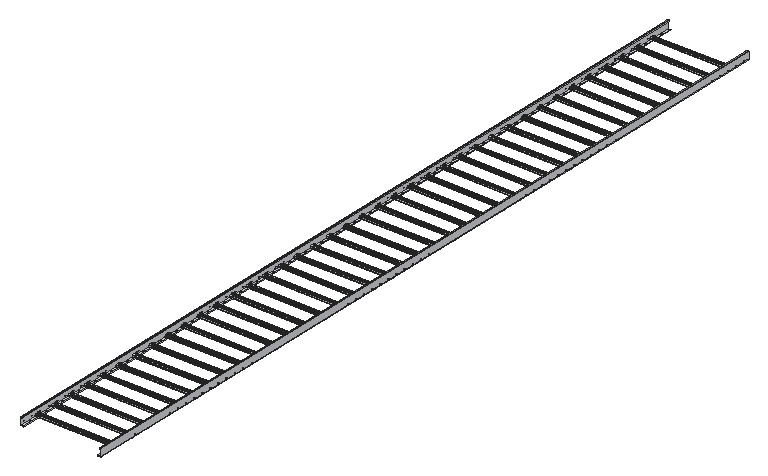
Revit family "Kabelleiter LG 60, 6 m VS FT", category Generic Models, Revit 2017 (continued)
Dimensions and locks
  locked: plane 3120 to Extrusion 1231 sketch curve at 5.5
  locked: Extrusion 1231 sketch curve to plane 3122 at 8.5
  locked: plane 3124 to plane 3123 at 57.5
  locked: Extrusion 1232 sketch curve to Extrusion 1232 sketch curve at 11
  locked: plane 3123 to Extrusion 1232 sketch curve at 5.5
  locked: Extrusion 1232 sketch curve to plane 3125 at 8.5
  locked: plane 3129 to Extrusion 3 at 8.5
  locked: plane 3130 to cut or joined group 1 (Extrusion 2, Extrusion 282, Extrusion 283, Extrusion 284, Extrusion 285, Extrusion 286, Extrusion 287, Extrusion 288, Extrusion 289, Extrusion 290, Extrusion 291, Extrusion 292, Extrusion 293, Extrusion 295, Extrusion 296, Extrusion 297, Extrusion 298, Extrusion 299, Extrusion 300, Extrusion 301, Extrusion 302, Extrusion 303, Extrusion 304, Extrusion 305, Extrusion 306, Extrusion 307) at 8.5
  locked: plane 3126 to plane 3130 at 75
  equal spacing: group 1207, group 1208, group 1209, group 1210, group 1211, group 1212, group 1213, group 1214, group 1215, group 1216, group 1217, group 1218, group 1219  (x3)
  equal spacing: group 1220, group 1221, group 1222, group 1223, group 1224, group 1225, group 1226, group 1227, group 1228, group 1229, group 1230, group 1231, group 1232  (x3)
  aligned and locked: level to plane 2
  aligned and locked: plane 1 "Center (Front/Back)" to Extrusion 1
  aligned and locked: plane 8 to Extrusion 1
  aligned and locked: Extrusion 2 to Extrusion 1
  aligned and locked: plane 15 to Extrusion 2
  aligned and locked: Extrusion 41 to level
  aligned and locked: Extrusion 2 to Extrusion 41
  aligned and locked: Extrusion 43 to level
  aligned and locked: Extrusion 2 to Extrusion 43
  aligned and locked: plane 328 to Extrusion 3
  aligned and locked: Extrusion 122 to plane 3 "Center (Left/Right)"
  aligned and locked: Extrusion 1 to Extrusion 122
  aligned and locked: Extrusion 1 to Extrusion 202
  aligned and locked: cut or joined group 2 (Extrusion 1, Extrusion 41, Extrusion 42, Extrusion 43, Extrusion 44, Extrusion 45, Extrusion 46, Extrusion 47, Extrusion 48, Extrusion 49, Extrusion 50, Extrusion 51, Extrusion 52, Extrusion 53, Extrusion 54, Extrusion 55, Extrusion 56, Extrusion 57, Extrusion 58, Extrusion 59, Extrusion 60, Extrusion 61, Extrusion 62, Extrusion 63, Extrusion 64, Extrusion 65, Extrusion 66, Extrusion 67, Extrusion 68, Extrusion 69, Extrusion 70, Extrusion 71, Extrusion 72, Extrusion 73, Extrusion 74, Extrusion 75, Extrusion 76, Extrusion 77, Extrusion 78, Extrusion 79, Extrusion 80, Extrusion 81, Extrusion 82, Extrusion 83, Extrusion 84, Extrusion 85, Extrusion 86, Extrusion 87, Extrusion 88, Extrusion 89, Extrusion 90, Extrusion 91, Extrusion 92, Extrusion 93, Extrusion 94, Extrusion 95, Extrusion 97, Extrusion 98, Extrusion 99, Extrusion 100, Extrusion 101, Extrusion 102, Extrusion 103, Extrusion 104, Extrusion 105, Extrusion 106, Extrusion 107, Extrusion 108, Extrusion 109, Extrusion 110, Extrusion 111, Extrusion 112, Extrusion 113, Extrusion 114, Extrusion 115, Extrusion 116, Extrusion 117, Extrusion 118, Extrusion 119, Extrusion 120, Extrusion 121, Extrusion 122, Extrusion 123, Extrusion 124, Extrusion 125, Extrusion 126, Extrusion 127, Extrusion 128, Extrusion 129, Extrusion 130, Extrusion 131, Extrusion 132, Extrusion 133, Extrusion 134, Extrusion 135, Extrusion 136, Extrusion 137, Extrusion 138, Extrusion 139, Extrusion 140, Extrusion 141, Extrusion 142, Extrusion 143, Extrusion 144, Extrusion 145, Extrusion 146, Extrusion 147, Extrusion 148, Extrusion 149, Extrusion 150, Extrusion 151, Extrusion 152, Extrusion 153, Extrusion 154, Extrusion 155, Extrusion 156, Extrusion 157, Extrusion 158, Extrusion 159, Extrusion 160, Extrusion 161, Extrusion 162, Extrusion 163, Extrusion 164, Extrusion 165, Extrusion 166, Extrusion 167, Extrusion 168, Extrusion 169, Extrusion 170, Extrusion 171, Extrusion 172, Extrusion 173, Extrusion 174, Extrusion 175, Extrusion 176, Extrusion 177, Extrusion 178, Extrusion 179, Extrusion 180, Extrusion 181, Extrusion 182, Extrusion 183, Extrusion 184, Extrusion 185, Extrusion 186, Extrusion 187, Extrusion 188, Extrusion 189, Extrusion 190, Extrusion 191, Extrusion 192, Extrusion 193, Extrusion 194, Extrusion 195, Extrusion 196, Extrusion 197, Extrusion 198, Extrusion 199, Extrusion 200, Extrusion 201, Extrusion 202, Extrusion 203, Extrusion 204, Extrusion 205, Extrusion 206, Extrusion 207, Extrusion 208, Extrusion 209, Extrusion 210, Extrusion 211, Extrusion 212, Extrusion 213, Extrusion 214, Extrusion 215, Extrusion 216, Extrusion 217, Extrusion 218, Extrusion 219, Extrusion 220, Extrusion 221, Extrusion 222, Extrusion 223, Extrusion 224, Extrusion 225, Extrusion 226, Extrusion 227, Extrusion 228, Extrusion 229, Extrusion 230, Extrusion 231, Extrusion 232, Extrusion 233, Extrusion 234, Extrusion 235, Extrusion 236, Extrusion 237, Extrusion 238, Extrusion 239, Extrusion 240, Extrusion 241, Extrusion 242, Extrusion 243, Extrusion 244, Extrusion 245, Extrusion 246, Extrusion 247, Extrusion 248, Extrusion 249, Extrusion 250, Extrusion 251, Extrusion 252, Extrusion 253, Extrusion 254, Extrusion 255, Extrusion 256, Extrusion 257, Extrusion 258, Extrusion 259, Extrusion 260, Extrusion 261, Extrusion 262, Extrusion 263, Extrusion 264, Extrusion 265, Extrusion 266, Extrusion 267, Extrusion 268, Extrusion 269, Extrusion 270, Extrusion 271, Extrusion 272, Extrusion 273, Extrusion 274, Extrusion 275, Extrusion 276, Extrusion 277, Extrusion 278, Extrusion 279, Extrusion 280, Extrusion 281) to cut or joined group 2
  aligned and locked: Extrusion 2 to Extrusion 282
  aligned and locked: cut or joined group 1 to cut or joined group 1
  aligned and locked: Extrusion 296 to level
  aligned and locked: Extrusion 3 to Extrusion 1233  (x2)
  aligned and locked: Extrusion 3 to Extrusion 1234
  aligned and locked: cut or joined group 3 (Extrusion 3, Extrusion 1233, Extrusion 1234, Extrusion 1235, Extrusion 1236, Extrusion 1237, Extrusion 1238, Extrusion 1239, Extrusion 1240, Extrusion 1241, Extrusion 1242, Extrusion 1243, Extrusion 1244, Extrusion 1245, Extrusion 1246, Extrusion 1247, Extrusion 1248, Extrusion 1249, Extrusion 1250, Extrusion 1251, Extrusion 1252, Extrusion 1253, Extrusion 1254, Extrusion 1255, Extrusion 1256, Extrusion 1257, Extrusion 1258) to cut or joined group 1
  aligned and locked: cut or joined group 1 to cut or joined group 3
Automatic sketch dimensions
  Extrusion 2 sketch curve to Extrusion 2 sketch curve = 0 mm  (x12)
  Extrusion 2 sketch curve to Extrusion 2 sketch curve = 1.5 mm  (x2)
  plane 11 to Extrusion 2 sketch curve = 3 mm
  Extrusion 2 sketch curve to plane 12 = 3 mm
  Extrusion 3 sketch curve to Extrusion 3 sketch curve = 0 mm  (x12)
  Extrusion 3 sketch curve to Extrusion 3 sketch curve = 1.5 mm  (x2)
  plane 18 to Extrusion 3 sketch curve = 3 mm
  Extrusion 3 sketch curve to plane 19 = 3 mm
  Extrusion 4 sketch curve to Extrusion 4 sketch curve = 0 mm  (x8)
  Extrusion 4 sketch curve to Extrusion 4 sketch curve = 1.5 mm  (x2)
  plane 24 to Extrusion 4 sketch curve = 3 mm
  Extrusion 4 sketch curve to plane 25 = 3 mm
  Extrusion 5 sketch curve to Extrusion 5 sketch curve = 0 mm  (x8)
  Extrusion 5 sketch curve to Extrusion 5 sketch curve = 1.5 mm  (x2)
  plane 30 to Extrusion 5 sketch curve = 3 mm
  Extrusion 5 sketch curve to plane 31 = 3 mm
  Extrusion 6 sketch curve to Extrusion 6 sketch curve = 0 mm  (x8)
  Extrusion 6 sketch curve to Extrusion 6 sketch curve = 1.5 mm  (x2)
  plane 36 to Extrusion 6 sketch curve = 3 mm
  Extrusion 6 sketch curve to plane 37 = 3 mm
  Extrusion 7 sketch curve to Extrusion 7 sketch curve = 0 mm  (x8)
  Extrusion 7 sketch curve to Extrusion 7 sketch curve = 1.5 mm  (x2)
  plane 42 to Extrusion 7 sketch curve = 3 mm
  Extrusion 7 sketch curve to plane 43 = 3 mm
  Extrusion 8 sketch curve to Extrusion 8 sketch curve = 0 mm  (x8)
  Extrusion 8 sketch curve to Extrusion 8 sketch curve = 1.5 mm  (x2)
  plane 48 to Extrusion 8 sketch curve = 3 mm
  Extrusion 8 sketch curve to plane 49 = 3 mm
  Extrusion 9 sketch curve to Extrusion 9 sketch curve = 0 mm  (x8)
  Extrusion 9 sketch curve to Extrusion 9 sketch curve = 1.5 mm  (x2)
  plane 54 to Extrusion 9 sketch curve = 3 mm
  Extrusion 9 sketch curve to plane 55 = 3 mm
  Extrusion 10 sketch curve to Extrusion 10 sketch curve = 0 mm  (x8)
  Extrusion 10 sketch curve to Extrusion 10 sketch curve = 1.5 mm  (x2)
  plane 60 to Extrusion 10 sketch curve = 3 mm
  Extrusion 10 sketch curve to plane 61 = 3 mm
  Extrusion 11 sketch curve to Extrusion 11 sketch curve = 0 mm  (x8)
  Extrusion 11 sketch curve to Extrusion 11 sketch curve = 1.5 mm  (x2)
  plane 66 to Extrusion 11 sketch curve = 3 mm
  Extrusion 11 sketch curve to plane 67 = 3 mm
  Extrusion 12 sketch curve to Extrusion 12 sketch curve = 0 mm  (x8)
  Extrusion 12 sketch curve to Extrusion 12 sketch curve = 1.5 mm  (x2)
  plane 72 to Extrusion 12 sketch curve = 3 mm
  Extrusion 12 sketch curve to plane 73 = 3 mm
  Extrusion 13 sketch curve to Extrusion 13 sketch curve = 0 mm  (x8)
  Extrusion 13 sketch curve to Extrusion 13 sketch curve = 1.5 mm  (x2)
  plane 78 to Extrusion 13 sketch curve = 3 mm
  Extrusion 13 sketch curve to plane 79 = 3 mm
  Extrusion 14 sketch curve to Extrusion 14 sketch curve = 0 mm  (x8)
  Extrusion 14 sketch curve to Extrusion 14 sketch curve = 1.5 mm  (x2)
  plane 84 to Extrusion 14 sketch curve = 3 mm
  Extrusion 14 sketch curve to plane 85 = 3 mm
  Extrusion 15 sketch curve to Extrusion 15 sketch curve = 0 mm  (x8)
  Extrusion 15 sketch curve to Extrusion 15 sketch curve = 1.5 mm  (x2)
  plane 90 to Extrusion 15 sketch curve = 3 mm
  Extrusion 15 sketch curve to plane 91 = 3 mm
  Extrusion 16 sketch curve to Extrusion 16 sketch curve = 0 mm  (x8)
  Extrusion 16 sketch curve to Extrusion 16 sketch curve = 1.5 mm  (x2)
  plane 96 to Extrusion 16 sketch curve = 3 mm
  Extrusion 16 sketch curve to plane 97 = 3 mm
  Extrusion 17 sketch curve to Extrusion 17 sketch curve = 0 mm  (x8)
  Extrusion 17 sketch curve to Extrusion 17 sketch curve = 1.5 mm  (x2)
  plane 102 to Extrusion 17 sketch curve = 3 mm
  Extrusion 17 sketch curve to plane 103 = 3 mm
  Extrusion 18 sketch curve to Extrusion 18 sketch curve = 0 mm  (x8)
  Extrusion 18 sketch curve to Extrusion 18 sketch curve = 1.5 mm  (x2)
  plane 108 to Extrusion 18 sketch curve = 3 mm
  Extrusion 18 sketch curve to plane 109 = 3 mm
  Extrusion 19 sketch curve to Extrusion 19 sketch curve = 0 mm  (x8)
  Extrusion 19 sketch curve to Extrusion 19 sketch curve = 1.5 mm  (x2)
  plane 114 to Extrusion 19 sketch curve = 3 mm
  Extrusion 19 sketch curve to plane 115 = 3 mm
  Extrusion 20 sketch curve to Extrusion 20 sketch curve = 0 mm  (x8)
  Extrusion 20 sketch curve to Extrusion 20 sketch curve = 1.5 mm  (x2)
  plane 120 to Extrusion 20 sketch curve = 3 mm
  Extrusion 20 sketch curve to plane 121 = 3 mm
  Extrusion 21 sketch curve to Extrusion 21 sketch curve = 0 mm  (x8)
  Extrusion 21 sketch curve to Extrusion 21 sketch curve = 1.5 mm  (x2)
  plane 126 to Extrusion 21 sketch curve = 3 mm
  Extrusion 21 sketch curve to plane 127 = 3 mm
  Extrusion 22 sketch curve to Extrusion 22 sketch curve = 0 mm  (x8)
  Extrusion 22 sketch curve to Extrusion 22 sketch curve = 1.5 mm  (x2)
  plane 132 to Extrusion 22 sketch curve = 3 mm
  Extrusion 22 sketch curve to plane 133 = 3 mm
  Extrusion 23 sketch curve to Extrusion 23 sketch curve = 0 mm  (x8)
  Extrusion 23 sketch curve to Extrusion 23 sketch curve = 1.5 mm  (x2)
  plane 138 to Extrusion 23 sketch curve = 3 mm
  Extrusion 23 sketch curve to plane 139 = 3 mm
  Extrusion 24 sketch curve to Extrusion 24 sketch curve = 0 mm  (x8)
  Extrusion 24 sketch curve to Extrusion 24 sketch curve = 1.5 mm  (x2)
  plane 144 to Extrusion 24 sketch curve = 3 mm
  Extrusion 24 sketch curve to plane 145 = 3 mm
  Extrusion 25 sketch curve to Extrusion 25 sketch curve = 0 mm  (x8)
  Extrusion 25 sketch curve to Extrusion 25 sketch curve = 1.5 mm  (x2)
  plane 150 to Extrusion 25 sketch curve = 3 mm
  Extrusion 25 sketch curve to plane 151 = 3 mm
  Extrusion 26 sketch curve to Extrusion 26 sketch curve = 0 mm  (x8)
  Extrusion 26 sketch curve to Extrusion 26 sketch curve = 1.5 mm  (x2)
  plane 156 to Extrusion 26 sketch curve = 3 mm
  Extrusion 26 sketch curve to plane 157 = 3 mm
  Extrusion 27 sketch curve to Extrusion 27 sketch curve = 0 mm  (x8)
  Extrusion 27 sketch curve to Extrusion 27 sketch curve = 1.5 mm  (x2)
  plane 162 to Extrusion 27 sketch curve = 3 mm
  Extrusion 27 sketch curve to plane 163 = 3 mm
  Extrusion 28 sketch curve to Extrusion 28 sketch curve = 0 mm  (x8)
  Extrusion 28 sketch curve to Extrusion 28 sketch curve = 1.5 mm  (x2)
  plane 168 to Extrusion 28 sketch curve = 3 mm
  Extrusion 28 sketch curve to plane 169 = 3 mm
  Extrusion 29 sketch curve to Extrusion 29 sketch curve = 0 mm  (x8)
  Extrusion 29 sketch curve to Extrusion 29 sketch curve = 1.5 mm  (x2)
  plane 174 to Extrusion 29 sketch curve = 3 mm
  Extrusion 29 sketch curve to plane 175 = 3 mm
  Extrusion 30 sketch curve to Extrusion 30 sketch curve = 0 mm  (x8)
  Extrusion 30 sketch curve to Extrusion 30 sketch curve = 1.5 mm  (x2)
  plane 180 to Extrusion 30 sketch curve = 3 mm
  Extrusion 30 sketch curve to plane 181 = 3 mm
  Extrusion 31 sketch curve to Extrusion 31 sketch curve = 0 mm  (x8)
  Extrusion 31 sketch curve to Extrusion 31 sketch curve = 1.5 mm  (x2)
  plane 186 to Extrusion 31 sketch curve = 3 mm
  Extrusion 31 sketch curve to plane 187 = 3 mm
  Extrusion 32 sketch curve to Extrusion 32 sketch curve = 0 mm  (x8)
  Extrusion 32 sketch curve to Extrusion 32 sketch curve = 1.5 mm  (x2)
  plane 192 to Extrusion 32 sketch curve = 3 mm
  Extrusion 32 sketch curve to plane 193 = 3 mm
  Extrusion 33 sketch curve to Extrusion 33 sketch curve = 0 mm  (x8)
  Extrusion 33 sketch curve to Extrusion 33 sketch curve = 1.5 mm  (x2)
  plane 198 to Extrusion 33 sketch curve = 3 mm
  Extrusion 33 sketch curve to plane 199 = 3 mm
  Extrusion 34 sketch curve to Extrusion 34 sketch curve = 0 mm  (x8)
  Extrusion 34 sketch curve to Extrusion 34 sketch curve = 1.5 mm  (x2)
  plane 204 to Extrusion 34 sketch curve = 3 mm
  Extrusion 34 sketch curve to plane 205 = 3 mm
  Extrusion 35 sketch curve to Extrusion 35 sketch curve = 0 mm  (x8)
  Extrusion 35 sketch curve to Extrusion 35 sketch curve = 1.5 mm  (x2)
  plane 210 to Extrusion 35 sketch curve = 3 mm
  Extrusion 35 sketch curve to plane 211 = 3 mm
  Extrusion 36 sketch curve to Extrusion 36 sketch curve = 0 mm  (x8)
  Extrusion 36 sketch curve to Extrusion 36 sketch curve = 1.5 mm  (x2)
  plane 216 to Extrusion 36 sketch curve = 3 mm
  Extrusion 36 sketch curve to plane 217 = 3 mm
  Extrusion 37 sketch curve to Extrusion 37 sketch curve = 0 mm  (x8)
  Extrusion 37 sketch curve to Extrusion 37 sketch curve = 1.5 mm  (x2)
  plane 222 to Extrusion 37 sketch curve = 3 mm
  Extrusion 37 sketch curve to plane 223 = 3 mm
  Extrusion 38 sketch curve to Extrusion 38 sketch curve = 0 mm  (x8)
  Extrusion 38 sketch curve to Extrusion 38 sketch curve = 1.5 mm  (x2)
  plane 228 to Extrusion 38 sketch curve = 3 mm
  Extrusion 38 sketch curve to plane 229 = 3 mm
  Extrusion 39 sketch curve to Extrusion 39 sketch curve = 0 mm  (x8)
  Extrusion 39 sketch curve to Extrusion 39 sketch curve = 1.5 mm  (x2)
  plane 234 to Extrusion 39 sketch curve = 3 mm
  Extrusion 39 sketch curve to plane 235 = 3 mm
  Extrusion 40 sketch curve to Extrusion 40 sketch curve = 0 mm  (x8)
  Extrusion 40 sketch curve to Extrusion 40 sketch curve = 1.5 mm  (x2)
  plane 240 to Extrusion 40 sketch curve = 3 mm
  Extrusion 40 sketch curve to plane 241 = 3 mm
  Extrusion 41 sketch curve to plane 244 = 0 mm
  Extrusion 2 sketch curve to plane 10 = 0 mm
  Extrusion 42 sketch curve to plane 246 = 0 mm
  Extrusion 44 sketch curve to plane 251 = 0 mm
  Extrusion 45 sketch curve to plane 253 = 0 mm
  Extrusion 46 sketch curve to plane 255 = 0 mm
  Extrusion 47 sketch curve to plane 257 = 0 mm
  Extrusion 48 sketch curve to plane 259 = 0 mm
  Extrusion 49 sketch curve to plane 261 = 0 mm
  Extrusion 50 sketch curve to plane 263 = 0 mm
  Extrusion 51 sketch curve to plane 265 = 0 mm
  Extrusion 52 sketch curve to plane 267 = 0 mm
  Extrusion 53 sketch curve to plane 269 = 0 mm
  Extrusion 54 sketch curve to plane 271 = 0 mm
  Extrusion 55 sketch curve to plane 273 = 0 mm
  Extrusion 56 sketch curve to plane 275 = 0 mm
  Extrusion 57 sketch curve to plane 277 = 0 mm
  Extrusion 58 sketch curve to plane 279 = 0 mm
  Extrusion 59 sketch curve to plane 281 = 0 mm
  Extrusion 60 sketch curve to plane 283 = 0 mm
  Extrusion 61 sketch curve to plane 285 = 0 mm
  Extrusion 62 sketch curve to plane 287 = 0 mm
  Extrusion 63 sketch curve to plane 289 = 0 mm
  Extrusion 64 sketch curve to plane 291 = 0 mm
  Extrusion 65 sketch curve to plane 293 = 0 mm
  Extrusion 66 sketch curve to plane 295 = 0 mm
  Extrusion 67 sketch curve to plane 297 = 0 mm
  Extrusion 68 sketch curve to plane 299 = 0 mm
  Extrusion 69 sketch curve to plane 301 = 0 mm
  Extrusion 70 sketch curve to plane 303 = 0 mm
  Extrusion 71 sketch curve to plane 305 = 0 mm
  Extrusion 72 sketch curve to plane 307 = 0 mm
  Extrusion 73 sketch curve to plane 309 = 0 mm
  Extrusion 74 sketch curve to plane 311 = 0 mm
  Extrusion 75 sketch curve to plane 313 = 0 mm
  Extrusion 76 sketch curve to plane 315 = 0 mm
  Extrusion 77 sketch curve to plane 317 = 0 mm
  Extrusion 78 sketch curve to plane 319 = 0 mm
  Extrusion 79 sketch curve to plane 321 = 0 mm
  Extrusion 80 sketch curve to plane 323 = 0 mm
  Extrusion 81 sketch curve to plane 325 = 0 mm
  Extrusion 82 sketch curve to plane 329 = 0 mm
  Extrusion 83 sketch curve to plane 331 = 0 mm
  Extrusion 84 sketch curve to plane 333 = 0 mm
  Extrusion 85 sketch curve to plane 335 = 0 mm
  Extrusion 86 sketch curve to plane 337 = 0 mm
  Extrusion 87 sketch curve to plane 339 = 0 mm
  Extrusion 88 sketch curve to plane 341 = 0 mm
  Extrusion 89 sketch curve to plane 343 = 0 mm
  Extrusion 90 sketch curve to plane 345 = 0 mm
  Extrusion 91 sketch curve to plane 347 = 0 mm
  Extrusion 92 sketch curve to plane 349 = 0 mm
  Extrusion 93 sketch curve to plane 351 = 0 mm
  Extrusion 94 sketch curve to plane 353 = 0 mm
  Extrusion 95 sketch curve to plane 355 = 0 mm
  Extrusion 96 sketch curve to plane 357 = 0 mm
  Extrusion 97 sketch curve to plane 359 = 0 mm
  Extrusion 98 sketch curve to plane 361 = 0 mm
  Extrusion 99 sketch curve to plane 363 = 0 mm
  Extrusion 100 sketch curve to plane 365 = 0 mm
  Extrusion 101 sketch curve to plane 367 = 0 mm
  Extrusion 102 sketch curve to plane 369 = 0 mm
  Extrusion 103 sketch curve to plane 371 = 0 mm
  Extrusion 104 sketch curve to plane 373 = 0 mm
  Extrusion 105 sketch curve to plane 375 = 0 mm
  Extrusion 106 sketch curve to plane 377 = 0 mm
  Extrusion 107 sketch curve to plane 379 = 0 mm
  Extrusion 108 sketch curve to plane 381 = 0 mm
  Extrusion 109 sketch curve to plane 383 = 0 mm
  Extrusion 110 sketch curve to plane 385 = 0 mm
  Extrusion 111 sketch curve to plane 387 = 0 mm
  Extrusion 112 sketch curve to plane 389 = 0 mm
  Extrusion 113 sketch curve to plane 391 = 0 mm
  Extrusion 114 sketch curve to plane 393 = 0 mm
  Extrusion 115 sketch curve to plane 395 = 0 mm
  Extrusion 116 sketch curve to plane 397 = 0 mm
  Extrusion 117 sketch curve to plane 399 = 0 mm
  Extrusion 118 sketch curve to plane 401 = 0 mm
  Extrusion 119 sketch curve to plane 403 = 0 mm
  Extrusion 120 sketch curve to plane 405 = 0 mm
  Extrusion 121 sketch curve to plane 407 = 0 mm
  Extrusion 282 sketch curve to plane 731 = 8.5 mm
  Extrusion 283 sketch curve to plane 734 = 8.5 mm
  Extrusion 284 sketch curve to plane 737 = 8.5 mm
  Extrusion 285 sketch curve to plane 740 = 8.5 mm
  Extrusion 286 sketch curve to plane 743 = 8.5 mm
  Extrusion 287 sketch curve to plane 746 = 8.5 mm
  Extrusion 288 sketch curve to plane 749 = 8.5 mm
  Extrusion 289 sketch curve to plane 752 = 8.5 mm
  Extrusion 290 sketch curve to plane 755 = 8.5 mm
  Extrusion 291 sketch curve to plane 758 = 8.5 mm
  Extrusion 292 sketch curve to plane 761 = 8.5 mm
  Extrusion 293 sketch curve to plane 764 = 8.5 mm
  Extrusion 294 sketch curve to plane 767 = 8.5 mm
  Extrusion 295 sketch curve to plane 770 = 8.5 mm
  Extrusion 296 sketch curve to plane 772 = 8.5 mm
  plane 772 to Extrusion 296 sketch curve = 8.5 mm
  Extrusion 297 sketch curve to plane 774 = 8.5 mm
  plane 774 to Extrusion 297 sketch curve = 8.5 mm
  Extrusion 298 sketch curve to plane 776 = 8.5 mm
  plane 776 to Extrusion 298 sketch curve = 8.5 mm
  Extrusion 299 sketch curve to plane 778 = 8.5 mm
  plane 778 to Extrusion 299 sketch curve = 8.5 mm
  Extrusion 300 sketch curve to plane 780 = 8.5 mm
  plane 780 to Extrusion 300 sketch curve = 8.5 mm
  Extrusion 301 sketch curve to plane 782 = 8.5 mm
  plane 782 to Extrusion 301 sketch curve = 8.5 mm
  Extrusion 302 sketch curve to plane 784 = 8.5 mm
  plane 784 to Extrusion 302 sketch curve = 8.5 mm
  Extrusion 303 sketch curve to plane 786 = 8.5 mm
  plane 786 to Extrusion 303 sketch curve = 8.5 mm
  Extrusion 304 sketch curve to plane 788 = 8.5 mm
  plane 788 to Extrusion 304 sketch curve = 8.5 mm
  Extrusion 305 sketch curve to plane 790 = 8.5 mm
  plane 790 to Extrusion 305 sketch curve = 8.5 mm
  Extrusion 306 sketch curve to plane 792 = 8.5 mm
  plane 792 to Extrusion 306 sketch curve = 8.5 mm
  Extrusion 307 sketch curve to plane 794 = 8.5 mm
  plane 794 to Extrusion 307 sketch curve = 8.5 mm
  Extrusion 3 sketch curve to plane 17 = 0 mm
  Extrusion 308 sketch curve to plane 797 = 8.5 mm
  Extrusion 309 sketch curve to plane 800 = 8.5 mm
  Extrusion 310 sketch curve to plane 803 = 8.5 mm
  Extrusion 311 sketch curve to plane 806 = 8.5 mm
  Extrusion 312 sketch curve to plane 809 = 8.5 mm
  Extrusion 313 sketch curve to plane 812 = 8.5 mm
  Extrusion 314 sketch curve to plane 815 = 8.5 mm
  Extrusion 315 sketch curve to plane 818 = 8.5 mm
  Extrusion 316 sketch curve to plane 821 = 8.5 mm
  Extrusion 317 sketch curve to plane 824 = 8.5 mm
  Extrusion 318 sketch curve to plane 827 = 8.5 mm
  Extrusion 319 sketch curve to plane 830 = 8.5 mm
  Extrusion 320 sketch curve to plane 833 = 8.5 mm
  Extrusion 321 sketch curve to plane 836 = 8.5 mm
  Extrusion 322 sketch curve to plane 839 = 8.5 mm
  Extrusion 323 sketch curve to plane 842 = 8.5 mm
  Extrusion 324 sketch curve to plane 845 = 8.5 mm
  Extrusion 325 sketch curve to plane 848 = 8.5 mm
  Extrusion 326 sketch curve to plane 851 = 8.5 mm
  Extrusion 327 sketch curve to plane 854 = 8.5 mm
  Extrusion 328 sketch curve to plane 857 = 8.5 mm
  Extrusion 329 sketch curve to plane 860 = 8.5 mm
  Extrusion 330 sketch curve to plane 863 = 8.5 mm
  Extrusion 331 sketch curve to plane 866 = 8.5 mm
  Extrusion 332 sketch curve to plane 869 = 8.5 mm
  Extrusion 333 sketch curve to plane 872 = 8.5 mm
  Extrusion 334 sketch curve to plane 875 = 8.5 mm
  Extrusion 335 sketch curve to plane 878 = 8.5 mm
  Extrusion 336 sketch curve to plane 881 = 8.5 mm
  Extrusion 337 sketch curve to plane 884 = 8.5 mm
  Extrusion 338 sketch curve to plane 887 = 8.5 mm
  Extrusion 339 sketch curve to plane 890 = 8.5 mm
  Extrusion 340 sketch curve to plane 893 = 8.5 mm
  Extrusion 341 sketch curve to plane 896 = 8.5 mm
  Extrusion 342 sketch curve to plane 899 = 8.5 mm
  Extrusion 343 sketch curve to plane 902 = 8.5 mm
  Extrusion 344 sketch curve to plane 905 = 8.5 mm
  Extrusion 345 sketch curve to plane 907 = 8.5 mm
  plane 907 to Extrusion 345 sketch curve = 8.5 mm
  Extrusion 346 sketch curve to plane 909 = 8.5 mm
  plane 909 to Extrusion 346 sketch curve = 8.5 mm
  Extrusion 347 sketch curve to plane 911 = 8.5 mm
  plane 911 to Extrusion 347 sketch curve = 8.5 mm
  Extrusion 348 sketch curve to plane 913 = 8.5 mm
  plane 913 to Extrusion 348 sketch curve = 8.5 mm
  Extrusion 349 sketch curve to plane 915 = 8.5 mm
  plane 915 to Extrusion 349 sketch curve = 8.5 mm
  Extrusion 350 sketch curve to plane 917 = 8.5 mm
  plane 917 to Extrusion 350 sketch curve = 8.5 mm
  Extrusion 351 sketch curve to plane 919 = 8.5 mm
  plane 919 to Extrusion 351 sketch curve = 8.5 mm
  Extrusion 352 sketch curve to plane 921 = 8.5 mm
  plane 921 to Extrusion 352 sketch curve = 8.5 mm
  Extrusion 353 sketch curve to plane 923 = 8.5 mm
  plane 923 to Extrusion 353 sketch curve = 8.5 mm
  Extrusion 354 sketch curve to plane 925 = 8.5 mm
  plane 925 to Extrusion 354 sketch curve = 8.5 mm
  Extrusion 355 sketch curve to plane 927 = 8.5 mm
  plane 927 to Extrusion 355 sketch curve = 8.5 mm
  Extrusion 356 sketch curve to plane 929 = 8.5 mm
  plane 929 to Extrusion 356 sketch curve = 8.5 mm
  Extrusion 357 sketch curve to plane 931 = 8.5 mm
  plane 931 to Extrusion 357 sketch curve = 8.5 mm
  Extrusion 358 sketch curve to plane 933 = 8.5 mm
  plane 933 to Extrusion 358 sketch curve = 8.5 mm
  Extrusion 359 sketch curve to plane 935 = 8.5 mm
  plane 935 to Extrusion 359 sketch curve = 8.5 mm
  Extrusion 360 sketch curve to plane 937 = 8.5 mm
  plane 937 to Extrusion 360 sketch curve = 8.5 mm
  Extrusion 361 sketch curve to plane 939 = 8.5 mm
  plane 939 to Extrusion 361 sketch curve = 8.5 mm
  Extrusion 362 sketch curve to plane 941 = 8.5 mm
  plane 941 to Extrusion 362 sketch curve = 8.5 mm
  Extrusion 363 sketch curve to plane 943 = 8.5 mm
  plane 943 to Extrusion 363 sketch curve = 8.5 mm
  Extrusion 364 sketch curve to plane 945 = 8.5 mm
  plane 945 to Extrusion 364 sketch curve = 8.5 mm
  Extrusion 365 sketch curve to plane 947 = 8.5 mm
  plane 947 to Extrusion 365 sketch curve = 8.5 mm
  Extrusion 366 sketch curve to plane 949 = 8.5 mm
  plane 949 to Extrusion 366 sketch curve = 8.5 mm
  Extrusion 367 sketch curve to plane 951 = 8.5 mm
  plane 951 to Extrusion 367 sketch curve = 8.5 mm
  Extrusion 368 sketch curve to plane 953 = 8.5 mm
  plane 953 to Extrusion 368 sketch curve = 8.5 mm
  Extrusion 369 sketch curve to plane 955 = 8.5 mm
  plane 955 to Extrusion 369 sketch curve = 8.5 mm
  Extrusion 370 sketch curve to plane 957 = 8.5 mm
  plane 957 to Extrusion 370 sketch curve = 8.5 mm
  Extrusion 371 sketch curve to plane 959 = 8.5 mm
  plane 959 to Extrusion 371 sketch curve = 8.5 mm
  Extrusion 372 sketch curve to plane 961 = 8.5 mm
  plane 961 to Extrusion 372 sketch curve = 8.5 mm
  Extrusion 373 sketch curve to plane 963 = 8.5 mm
  plane 963 to Extrusion 373 sketch curve = 8.5 mm
  Extrusion 374 sketch curve to plane 965 = 8.5 mm
  plane 965 to Extrusion 374 sketch curve = 8.5 mm
  Extrusion 375 sketch curve to plane 967 = 8.5 mm
  plane 967 to Extrusion 375 sketch curve = 8.5 mm
  Extrusion 376 sketch curve to plane 969 = 8.5 mm
  plane 969 to Extrusion 376 sketch curve = 8.5 mm
  Extrusion 377 sketch curve to plane 971 = 8.5 mm
  plane 971 to Extrusion 377 sketch curve = 8.5 mm
  Extrusion 378 sketch curve to plane 973 = 8.5 mm
  plane 973 to Extrusion 378 sketch curve = 8.5 mm
  Extrusion 379 sketch curve to plane 975 = 8.5 mm
  plane 975 to Extrusion 379 sketch curve = 8.5 mm
  Extrusion 380 sketch curve to plane 977 = 8.5 mm
  plane 977 to Extrusion 380 sketch curve = 8.5 mm
  Extrusion 381 sketch curve to plane 979 = 8.5 mm
  plane 979 to Extrusion 381 sketch curve = 8.5 mm
  Extrusion 382 sketch curve to plane 982 = 8.5 mm
  Extrusion 383 sketch curve to plane 985 = 8.5 mm
  Extrusion 384 sketch curve to plane 988 = 8.5 mm
  Extrusion 385 sketch curve to plane 991 = 8.5 mm
  Extrusion 386 sketch curve to plane 994 = 8.5 mm
  Extrusion 387 sketch curve to plane 997 = 8.5 mm
  Extrusion 388 sketch curve to plane 1000 = 8.5 mm
  Extrusion 389 sketch curve to plane 1003 = 8.5 mm
  Extrusion 390 sketch curve to plane 1006 = 8.5 mm
  Extrusion 391 sketch curve to plane 1009 = 8.5 mm
  Extrusion 392 sketch curve to plane 1012 = 8.5 mm
  Extrusion 393 sketch curve to plane 1015 = 8.5 mm
  Extrusion 394 sketch curve to plane 1018 = 8.5 mm
  Extrusion 395 sketch curve to plane 1021 = 8.5 mm
  Extrusion 396 sketch curve to plane 1024 = 8.5 mm
  Extrusion 397 sketch curve to plane 1027 = 8.5 mm
  Extrusion 398 sketch curve to plane 1030 = 8.5 mm
  Extrusion 399 sketch curve to plane 1033 = 8.5 mm
  Extrusion 400 sketch curve to plane 1036 = 8.5 mm
  Extrusion 401 sketch curve to plane 1039 = 8.5 mm
  Extrusion 402 sketch curve to plane 1042 = 8.5 mm
  Extrusion 403 sketch curve to plane 1045 = 8.5 mm
  Extrusion 404 sketch curve to plane 1048 = 8.5 mm
  Extrusion 405 sketch curve to plane 1051 = 8.5 mm
  Extrusion 406 sketch curve to plane 1054 = 8.5 mm
  Extrusion 407 sketch curve to plane 1057 = 8.5 mm
  Extrusion 408 sketch curve to plane 1060 = 8.5 mm
  Extrusion 409 sketch curve to plane 1063 = 8.5 mm
  Extrusion 410 sketch curve to plane 1066 = 8.5 mm
  Extrusion 411 sketch curve to plane 1069 = 8.5 mm
  Extrusion 412 sketch curve to plane 1072 = 8.5 mm
  Extrusion 413 sketch curve to plane 1075 = 8.5 mm
  Extrusion 414 sketch curve to plane 1078 = 8.5 mm
  Extrusion 415 sketch curve to plane 1081 = 8.5 mm
  Extrusion 416 sketch curve to plane 1084 = 8.5 mm
  Extrusion 417 sketch curve to plane 1087 = 8.5 mm
  Extrusion 418 sketch curve to plane 1090 = 8.5 mm
  Extrusion 419 sketch curve to plane 1092 = 8.5 mm
  plane 1092 to Extrusion 419 sketch curve = 8.5 mm
  Extrusion 420 sketch curve to plane 1094 = 8.5 mm
  plane 1094 to Extrusion 420 sketch curve = 8.5 mm
  Extrusion 421 sketch curve to plane 1096 = 8.5 mm
  plane 1096 to Extrusion 421 sketch curve = 8.5 mm
  Extrusion 422 sketch curve to plane 1098 = 8.5 mm
  plane 1098 to Extrusion 422 sketch curve = 8.5 mm
  Extrusion 423 sketch curve to plane 1100 = 8.5 mm
  plane 1100 to Extrusion 423 sketch curve = 8.5 mm
  Extrusion 424 sketch curve to plane 1102 = 8.5 mm
  plane 1102 to Extrusion 424 sketch curve = 8.5 mm
  Extrusion 425 sketch curve to plane 1104 = 8.5 mm
  plane 1104 to Extrusion 425 sketch curve = 8.5 mm
  Extrusion 426 sketch curve to plane 1106 = 8.5 mm
  plane 1106 to Extrusion 426 sketch curve = 8.5 mm
  Extrusion 427 sketch curve to plane 1108 = 8.5 mm
  plane 1108 to Extrusion 427 sketch curve = 8.5 mm
  Extrusion 428 sketch curve to plane 1110 = 8.5 mm
  plane 1110 to Extrusion 428 sketch curve = 8.5 mm
  Extrusion 429 sketch curve to plane 1112 = 8.5 mm
  plane 1112 to Extrusion 429 sketch curve = 8.5 mm
  Extrusion 430 sketch curve to plane 1114 = 8.5 mm
  plane 1114 to Extrusion 430 sketch curve = 8.5 mm
  Extrusion 431 sketch curve to plane 1116 = 8.5 mm
  plane 1116 to Extrusion 431 sketch curve = 8.5 mm
  Extrusion 432 sketch curve to plane 1118 = 8.5 mm
  plane 1118 to Extrusion 432 sketch curve = 8.5 mm
  Extrusion 433 sketch curve to plane 1120 = 8.5 mm
  plane 1120 to Extrusion 433 sketch curve = 8.5 mm
  Extrusion 434 sketch curve to plane 1122 = 8.5 mm
  plane 1122 to Extrusion 434 sketch curve = 8.5 mm
  Extrusion 435 sketch curve to plane 1124 = 8.5 mm
  plane 1124 to Extrusion 435 sketch curve = 8.5 mm
  Extrusion 436 sketch curve to plane 1126 = 8.5 mm
  plane 1126 to Extrusion 436 sketch curve = 8.5 mm
  Extrusion 437 sketch curve to plane 1128 = 8.5 mm
  plane 1128 to Extrusion 437 sketch curve = 8.5 mm
  Extrusion 438 sketch curve to plane 1130 = 8.5 mm
  plane 1130 to Extrusion 438 sketch curve = 8.5 mm
  Extrusion 439 sketch curve to plane 1132 = 8.5 mm
  plane 1132 to Extrusion 439 sketch curve = 8.5 mm
  Extrusion 440 sketch curve to plane 1134 = 8.5 mm
  plane 1134 to Extrusion 440 sketch curve = 8.5 mm
  Extrusion 441 sketch curve to plane 1136 = 8.5 mm
  plane 1136 to Extrusion 441 sketch curve = 8.5 mm
  Extrusion 442 sketch curve to plane 1138 = 8.5 mm
  plane 1138 to Extrusion 442 sketch curve = 8.5 mm
  Extrusion 443 sketch curve to plane 1140 = 8.5 mm
  plane 1140 to Extrusion 443 sketch curve = 8.5 mm
  Extrusion 444 sketch curve to plane 1142 = 8.5 mm
  plane 1142 to Extrusion 444 sketch curve = 8.5 mm
  Extrusion 445 sketch curve to plane 1144 = 8.5 mm
  plane 1144 to Extrusion 445 sketch curve = 8.5 mm
  Extrusion 446 sketch curve to plane 1146 = 8.5 mm
  plane 1146 to Extrusion 446 sketch curve = 8.5 mm
  Extrusion 447 sketch curve to plane 1148 = 8.5 mm
  plane 1148 to Extrusion 447 sketch curve = 8.5 mm
  Extrusion 448 sketch curve to plane 1150 = 8.5 mm
  plane 1150 to Extrusion 448 sketch curve = 8.5 mm
  Extrusion 449 sketch curve to plane 1152 = 8.5 mm
  plane 1152 to Extrusion 449 sketch curve = 8.5 mm
  Extrusion 450 sketch curve to plane 1154 = 8.5 mm
  plane 1154 to Extrusion 450 sketch curve = 8.5 mm
  Extrusion 451 sketch curve to plane 1156 = 8.5 mm
  plane 1156 to Extrusion 451 sketch curve = 8.5 mm
  Extrusion 452 sketch curve to plane 1158 = 8.5 mm
  plane 1158 to Extrusion 452 sketch curve = 8.5 mm
  Extrusion 453 sketch curve to plane 1160 = 8.5 mm
  plane 1160 to Extrusion 453 sketch curve = 8.5 mm
  Extrusion 454 sketch curve to plane 1162 = 8.5 mm
  plane 1162 to Extrusion 454 sketch curve = 8.5 mm
  Extrusion 455 sketch curve to plane 1164 = 8.5 mm
  plane 1164 to Extrusion 455 sketch curve = 8.5 mm
  Extrusion 456 sketch curve to plane 1167 = 8.5 mm
  Extrusion 457 sketch curve to plane 1170 = 8.5 mm
  Extrusion 458 sketch curve to plane 1173 = 8.5 mm
  Extrusion 459 sketch curve to plane 1176 = 8.5 mm
  Extrusion 460 sketch curve to plane 1179 = 8.5 mm
  Extrusion 461 sketch curve to plane 1182 = 8.5 mm
  Extrusion 462 sketch curve to plane 1185 = 8.5 mm
  Extrusion 463 sketch curve to plane 1188 = 8.5 mm
  Extrusion 464 sketch curve to plane 1191 = 8.5 mm
  Extrusion 465 sketch curve to plane 1194 = 8.5 mm
  Extrusion 466 sketch curve to plane 1197 = 8.5 mm
  Extrusion 467 sketch curve to plane 1200 = 8.5 mm
  Extrusion 468 sketch curve to plane 1203 = 8.5 mm
  Extrusion 469 sketch curve to plane 1206 = 8.5 mm
  Extrusion 470 sketch curve to plane 1209 = 8.5 mm
  Extrusion 471 sketch curve to plane 1212 = 8.5 mm
  Extrusion 472 sketch curve to plane 1215 = 8.5 mm
  Extrusion 473 sketch curve to plane 1218 = 8.5 mm
  Extrusion 474 sketch curve to plane 1221 = 8.5 mm
  Extrusion 475 sketch curve to plane 1224 = 8.5 mm
  Extrusion 476 sketch curve to plane 1227 = 8.5 mm
  Extrusion 477 sketch curve to plane 1230 = 8.5 mm
  Extrusion 478 sketch curve to plane 1233 = 8.5 mm
  Extrusion 479 sketch curve to plane 1236 = 8.5 mm
  Extrusion 480 sketch curve to plane 1239 = 8.5 mm
  Extrusion 481 sketch curve to plane 1242 = 8.5 mm
  Extrusion 482 sketch curve to plane 1245 = 8.5 mm
  Extrusion 483 sketch curve to plane 1248 = 8.5 mm
  Extrusion 484 sketch curve to plane 1251 = 8.5 mm
  Extrusion 485 sketch curve to plane 1254 = 8.5 mm
  Extrusion 486 sketch curve to plane 1257 = 8.5 mm
  Extrusion 487 sketch curve to plane 1260 = 8.5 mm
  Extrusion 488 sketch curve to plane 1263 = 8.5 mm
  Extrusion 489 sketch curve to plane 1266 = 8.5 mm
  Extrusion 490 sketch curve to plane 1269 = 8.5 mm
  Extrusion 491 sketch curve to plane 1272 = 8.5 mm
  Extrusion 492 sketch curve to plane 1275 = 8.5 mm
  Extrusion 493 sketch curve to plane 1277 = 8.5 mm
  plane 1277 to Extrusion 493 sketch curve = 8.5 mm
  Extrusion 494 sketch curve to plane 1279 = 8.5 mm
  plane 1279 to Extrusion 494 sketch curve = 8.5 mm
  Extrusion 495 sketch curve to plane 1281 = 8.5 mm
  plane 1281 to Extrusion 495 sketch curve = 8.5 mm
  Extrusion 496 sketch curve to plane 1283 = 8.5 mm
  plane 1283 to Extrusion 496 sketch curve = 8.5 mm
  Extrusion 497 sketch curve to plane 1285 = 8.5 mm
  plane 1285 to Extrusion 497 sketch curve = 8.5 mm
  Extrusion 498 sketch curve to plane 1287 = 8.5 mm
  plane 1287 to Extrusion 498 sketch curve = 8.5 mm
  Extrusion 499 sketch curve to plane 1289 = 8.5 mm
  plane 1289 to Extrusion 499 sketch curve = 8.5 mm
  Extrusion 500 sketch curve to plane 1291 = 8.5 mm
  plane 1291 to Extrusion 500 sketch curve = 8.5 mm
  Extrusion 501 sketch curve to plane 1293 = 8.5 mm
  plane 1293 to Extrusion 501 sketch curve = 8.5 mm
  Extrusion 502 sketch curve to plane 1295 = 8.5 mm
  plane 1295 to Extrusion 502 sketch curve = 8.5 mm
  Extrusion 503 sketch curve to plane 1297 = 8.5 mm
  plane 1297 to Extrusion 503 sketch curve = 8.5 mm
  Extrusion 504 sketch curve to plane 1299 = 8.5 mm
  plane 1299 to Extrusion 504 sketch curve = 8.5 mm
  Extrusion 505 sketch curve to plane 1301 = 8.5 mm
  plane 1301 to Extrusion 505 sketch curve = 8.5 mm
  Extrusion 506 sketch curve to plane 1303 = 8.5 mm
  plane 1303 to Extrusion 506 sketch curve = 8.5 mm
  Extrusion 507 sketch curve to plane 1305 = 8.5 mm
  plane 1305 to Extrusion 507 sketch curve = 8.5 mm
  Extrusion 508 sketch curve to plane 1307 = 8.5 mm
  plane 1307 to Extrusion 508 sketch curve = 8.5 mm
  Extrusion 509 sketch curve to plane 1309 = 8.5 mm
  plane 1309 to Extrusion 509 sketch curve = 8.5 mm
  Extrusion 510 sketch curve to plane 1311 = 8.5 mm
  plane 1311 to Extrusion 510 sketch curve = 8.5 mm
  Extrusion 511 sketch curve to plane 1313 = 8.5 mm
  plane 1313 to Extrusion 511 sketch curve = 8.5 mm
  Extrusion 512 sketch curve to plane 1315 = 8.5 mm
  plane 1315 to Extrusion 512 sketch curve = 8.5 mm
  Extrusion 513 sketch curve to plane 1317 = 8.5 mm
  plane 1317 to Extrusion 513 sketch curve = 8.5 mm
  Extrusion 514 sketch curve to plane 1319 = 8.5 mm
  plane 1319 to Extrusion 514 sketch curve = 8.5 mm
  Extrusion 515 sketch curve to plane 1321 = 8.5 mm
  plane 1321 to Extrusion 515 sketch curve = 8.5 mm
  Extrusion 516 sketch curve to plane 1323 = 8.5 mm
  plane 1323 to Extrusion 516 sketch curve = 8.5 mm
  Extrusion 517 sketch curve to plane 1325 = 8.5 mm
  plane 1325 to Extrusion 517 sketch curve = 8.5 mm
  Extrusion 518 sketch curve to plane 1327 = 8.5 mm
  plane 1327 to Extrusion 518 sketch curve = 8.5 mm
  Extrusion 519 sketch curve to plane 1329 = 8.5 mm
  plane 1329 to Extrusion 519 sketch curve = 8.5 mm
  Extrusion 520 sketch curve to plane 1331 = 8.5 mm
  plane 1331 to Extrusion 520 sketch curve = 8.5 mm
  Extrusion 521 sketch curve to plane 1333 = 8.5 mm
  plane 1333 to Extrusion 521 sketch curve = 8.5 mm
  Extrusion 522 sketch curve to plane 1335 = 8.5 mm
  plane 1335 to Extrusion 522 sketch curve = 8.5 mm
  Extrusion 523 sketch curve to plane 1337 = 8.5 mm
  plane 1337 to Extrusion 523 sketch curve = 8.5 mm
  Extrusion 524 sketch curve to plane 1339 = 8.5 mm
  plane 1339 to Extrusion 524 sketch curve = 8.5 mm
  Extrusion 525 sketch curve to plane 1341 = 8.5 mm
  plane 1341 to Extrusion 525 sketch curve = 8.5 mm
  Extrusion 526 sketch curve to plane 1343 = 8.5 mm
  plane 1343 to Extrusion 526 sketch curve = 8.5 mm
  Extrusion 527 sketch curve to plane 1345 = 8.5 mm
  plane 1345 to Extrusion 527 sketch curve = 8.5 mm
  Extrusion 528 sketch curve to plane 1347 = 8.5 mm
  plane 1347 to Extrusion 528 sketch curve = 8.5 mm
  Extrusion 529 sketch curve to plane 1349 = 8.5 mm
  plane 1349 to Extrusion 529 sketch curve = 8.5 mm
  Extrusion 530 sketch curve to plane 1352 = 8.5 mm
  Extrusion 531 sketch curve to plane 1355 = 8.5 mm
  Extrusion 532 sketch curve to plane 1358 = 8.5 mm
  Extrusion 533 sketch curve to plane 1361 = 8.5 mm
  Extrusion 534 sketch curve to plane 1364 = 8.5 mm
  Extrusion 535 sketch curve to plane 1367 = 8.5 mm
  Extrusion 536 sketch curve to plane 1370 = 8.5 mm
  Extrusion 537 sketch curve to plane 1373 = 8.5 mm
  Extrusion 538 sketch curve to plane 1376 = 8.5 mm
  Extrusion 539 sketch curve to plane 1379 = 8.5 mm
  Extrusion 540 sketch curve to plane 1382 = 8.5 mm
  Extrusion 541 sketch curve to plane 1385 = 8.5 mm
  Extrusion 542 sketch curve to plane 1388 = 8.5 mm
  Extrusion 543 sketch curve to plane 1391 = 8.5 mm
  Extrusion 544 sketch curve to plane 1394 = 8.5 mm
  Extrusion 545 sketch curve to plane 1397 = 8.5 mm
  Extrusion 546 sketch curve to plane 1400 = 8.5 mm
  Extrusion 547 sketch curve to plane 1403 = 8.5 mm
  Extrusion 548 sketch curve to plane 1406 = 8.5 mm
  Extrusion 549 sketch curve to plane 1409 = 8.5 mm
  Extrusion 550 sketch curve to plane 1412 = 8.5 mm
  Extrusion 551 sketch curve to plane 1415 = 8.5 mm
  Extrusion 552 sketch curve to plane 1418 = 8.5 mm
  Extrusion 553 sketch curve to plane 1421 = 8.5 mm
  Extrusion 554 sketch curve to plane 1424 = 8.5 mm
  Extrusion 555 sketch curve to plane 1427 = 8.5 mm
  Extrusion 556 sketch curve to plane 1430 = 8.5 mm
  Extrusion 557 sketch curve to plane 1433 = 8.5 mm
  Extrusion 558 sketch curve to plane 1436 = 8.5 mm
  Extrusion 559 sketch curve to plane 1439 = 8.5 mm
  Extrusion 560 sketch curve to plane 1442 = 8.5 mm
  Extrusion 561 sketch curve to plane 1445 = 8.5 mm
  Extrusion 562 sketch curve to plane 1448 = 8.5 mm
  Extrusion 563 sketch curve to plane 1451 = 8.5 mm
  Extrusion 564 sketch curve to plane 1454 = 8.5 mm
  Extrusion 565 sketch curve to plane 1457 = 8.5 mm
  Extrusion 566 sketch curve to plane 1460 = 8.5 mm
  Extrusion 567 sketch curve to plane 1462 = 8.5 mm
  plane 1462 to Extrusion 567 sketch curve = 8.5 mm
  Extrusion 568 sketch curve to plane 1464 = 8.5 mm
  plane 1464 to Extrusion 568 sketch curve = 8.5 mm
  Extrusion 569 sketch curve to plane 1466 = 8.5 mm
  plane 1466 to Extrusion 569 sketch curve = 8.5 mm
  Extrusion 570 sketch curve to plane 1468 = 8.5 mm
  plane 1468 to Extrusion 570 sketch curve = 8.5 mm
  Extrusion 571 sketch curve to plane 1470 = 8.5 mm
  plane 1470 to Extrusion 571 sketch curve = 8.5 mm
  Extrusion 572 sketch curve to plane 1472 = 8.5 mm
  plane 1472 to Extrusion 572 sketch curve = 8.5 mm
  Extrusion 573 sketch curve to plane 1474 = 8.5 mm
  plane 1474 to Extrusion 573 sketch curve = 8.5 mm
  Extrusion 574 sketch curve to plane 1476 = 8.5 mm
  plane 1476 to Extrusion 574 sketch curve = 8.5 mm
  Extrusion 575 sketch curve to plane 1478 = 8.5 mm
  plane 1478 to Extrusion 575 sketch curve = 8.5 mm
  Extrusion 576 sketch curve to plane 1480 = 8.5 mm
  plane 1480 to Extrusion 576 sketch curve = 8.5 mm
  Extrusion 577 sketch curve to plane 1482 = 8.5 mm
  plane 1482 to Extrusion 577 sketch curve = 8.5 mm
  Extrusion 578 sketch curve to plane 1484 = 8.5 mm
  plane 1484 to Extrusion 578 sketch curve = 8.5 mm
  Extrusion 579 sketch curve to plane 1486 = 8.5 mm
  plane 1486 to Extrusion 579 sketch curve = 8.5 mm
  Extrusion 580 sketch curve to plane 1488 = 8.5 mm
  plane 1488 to Extrusion 580 sketch curve = 8.5 mm
  Extrusion 581 sketch curve to plane 1490 = 8.5 mm
  plane 1490 to Extrusion 581 sketch curve = 8.5 mm
  Extrusion 582 sketch curve to plane 1492 = 8.5 mm
  plane 1492 to Extrusion 582 sketch curve = 8.5 mm
  Extrusion 583 sketch curve to plane 1494 = 8.5 mm
  plane 1494 to Extrusion 583 sketch curve = 8.5 mm
  Extrusion 584 sketch curve to plane 1496 = 8.5 mm
  plane 1496 to Extrusion 584 sketch curve = 8.5 mm
  Extrusion 585 sketch curve to plane 1498 = 8.5 mm
  plane 1498 to Extrusion 585 sketch curve = 8.5 mm
  Extrusion 586 sketch curve to plane 1500 = 8.5 mm
  plane 1500 to Extrusion 586 sketch curve = 8.5 mm
  Extrusion 587 sketch curve to plane 1502 = 8.5 mm
  plane 1502 to Extrusion 587 sketch curve = 8.5 mm
  Extrusion 588 sketch curve to plane 1504 = 8.5 mm
  plane 1504 to Extrusion 588 sketch curve = 8.5 mm
  Extrusion 589 sketch curve to plane 1506 = 8.5 mm
  plane 1506 to Extrusion 589 sketch curve = 8.5 mm
  Extrusion 590 sketch curve to plane 1508 = 8.5 mm
  plane 1508 to Extrusion 590 sketch curve = 8.5 mm
  Extrusion 591 sketch curve to plane 1510 = 8.5 mm
  plane 1510 to Extrusion 591 sketch curve = 8.5 mm
  Extrusion 592 sketch curve to plane 1512 = 8.5 mm
  plane 1512 to Extrusion 592 sketch curve = 8.5 mm
  Extrusion 593 sketch curve to plane 1514 = 8.5 mm
  plane 1514 to Extrusion 593 sketch curve = 8.5 mm
  Extrusion 594 sketch curve to plane 1516 = 8.5 mm
  plane 1516 to Extrusion 594 sketch curve = 8.5 mm
  Extrusion 595 sketch curve to plane 1518 = 8.5 mm
  plane 1518 to Extrusion 595 sketch curve = 8.5 mm
  Extrusion 596 sketch curve to plane 1520 = 8.5 mm
  plane 1520 to Extrusion 596 sketch curve = 8.5 mm
  Extrusion 597 sketch curve to plane 1522 = 8.5 mm
  plane 1522 to Extrusion 597 sketch curve = 8.5 mm
  Extrusion 598 sketch curve to plane 1524 = 8.5 mm
  plane 1524 to Extrusion 598 sketch curve = 8.5 mm
  Extrusion 599 sketch curve to plane 1526 = 8.5 mm
  plane 1526 to Extrusion 599 sketch curve = 8.5 mm
  Extrusion 600 sketch curve to plane 1528 = 8.5 mm
  plane 1528 to Extrusion 600 sketch curve = 8.5 mm
  Extrusion 601 sketch curve to plane 1530 = 8.5 mm
  plane 1530 to Extrusion 601 sketch curve = 8.5 mm
  Extrusion 602 sketch curve to plane 1532 = 8.5 mm
  plane 1532 to Extrusion 602 sketch curve = 8.5 mm
  Extrusion 603 sketch curve to plane 1534 = 8.5 mm
  plane 1534 to Extrusion 603 sketch curve = 8.5 mm
  Extrusion 604 sketch curve to plane 1537 = 8.5 mm
  Extrusion 605 sketch curve to plane 1540 = 8.5 mm
  Extrusion 606 sketch curve to plane 1543 = 8.5 mm
  Extrusion 607 sketch curve to plane 1546 = 8.5 mm
  Extrusion 608 sketch curve to plane 1549 = 8.5 mm
  Extrusion 609 sketch curve to plane 1552 = 8.5 mm
  Extrusion 610 sketch curve to plane 1555 = 8.5 mm
  Extrusion 611 sketch curve to plane 1558 = 8.5 mm
  Extrusion 612 sketch curve to plane 1561 = 8.5 mm
  Extrusion 613 sketch curve to plane 1564 = 8.5 mm
  Extrusion 614 sketch curve to plane 1567 = 8.5 mm
  Extrusion 615 sketch curve to plane 1570 = 8.5 mm
  Extrusion 616 sketch curve to plane 1573 = 8.5 mm
  Extrusion 617 sketch curve to plane 1576 = 8.5 mm
  Extrusion 618 sketch curve to plane 1579 = 8.5 mm
  Extrusion 619 sketch curve to plane 1582 = 8.5 mm
  Extrusion 620 sketch curve to plane 1585 = 8.5 mm
  Extrusion 621 sketch curve to plane 1588 = 8.5 mm
  Extrusion 622 sketch curve to plane 1591 = 8.5 mm
  Extrusion 623 sketch curve to plane 1594 = 8.5 mm
  Extrusion 624 sketch curve to plane 1597 = 8.5 mm
  Extrusion 625 sketch curve to plane 1600 = 8.5 mm
  Extrusion 626 sketch curve to plane 1603 = 8.5 mm
  Extrusion 627 sketch curve to plane 1606 = 8.5 mm
  Extrusion 628 sketch curve to plane 1609 = 8.5 mm
  Extrusion 629 sketch curve to plane 1612 = 8.5 mm
  Extrusion 630 sketch curve to plane 1615 = 8.5 mm
  Extrusion 631 sketch curve to plane 1618 = 8.5 mm
  Extrusion 632 sketch curve to plane 1621 = 8.5 mm
  Extrusion 633 sketch curve to plane 1624 = 8.5 mm
  Extrusion 634 sketch curve to plane 1627 = 8.5 mm
  Extrusion 635 sketch curve to plane 1630 = 8.5 mm
  Extrusion 636 sketch curve to plane 1633 = 8.5 mm
  Extrusion 637 sketch curve to plane 1636 = 8.5 mm
  Extrusion 638 sketch curve to plane 1639 = 8.5 mm
  Extrusion 639 sketch curve to plane 1642 = 8.5 mm
  Extrusion 640 sketch curve to plane 1645 = 8.5 mm
  Extrusion 641 sketch curve to plane 1647 = 8.5 mm
  plane 1647 to Extrusion 641 sketch curve = 8.5 mm
  Extrusion 642 sketch curve to plane 1649 = 8.5 mm
  plane 1649 to Extrusion 642 sketch curve = 8.5 mm
  Extrusion 643 sketch curve to plane 1651 = 8.5 mm
  plane 1651 to Extrusion 643 sketch curve = 8.5 mm
  Extrusion 644 sketch curve to plane 1653 = 8.5 mm
  plane 1653 to Extrusion 644 sketch curve = 8.5 mm
  Extrusion 645 sketch curve to plane 1655 = 8.5 mm
  plane 1655 to Extrusion 645 sketch curve = 8.5 mm
  Extrusion 646 sketch curve to plane 1657 = 8.5 mm
  plane 1657 to Extrusion 646 sketch curve = 8.5 mm
  Extrusion 647 sketch curve to plane 1659 = 8.5 mm
  plane 1659 to Extrusion 647 sketch curve = 8.5 mm
  Extrusion 648 sketch curve to plane 1661 = 8.5 mm
  plane 1661 to Extrusion 648 sketch curve = 8.5 mm
  Extrusion 649 sketch curve to plane 1663 = 8.5 mm
  plane 1663 to Extrusion 649 sketch curve = 8.5 mm
  Extrusion 650 sketch curve to plane 1665 = 8.5 mm
  plane 1665 to Extrusion 650 sketch curve = 8.5 mm
  Extrusion 651 sketch curve to plane 1667 = 8.5 mm
  plane 1667 to Extrusion 651 sketch curve = 8.5 mm
  Extrusion 652 sketch curve to plane 1669 = 8.5 mm
  plane 1669 to Extrusion 652 sketch curve = 8.5 mm
  Extrusion 653 sketch curve to plane 1671 = 8.5 mm
  plane 1671 to Extrusion 653 sketch curve = 8.5 mm
  Extrusion 654 sketch curve to plane 1673 = 8.5 mm
  plane 1673 to Extrusion 654 sketch curve = 8.5 mm
  Extrusion 655 sketch curve to plane 1675 = 8.5 mm
  plane 1675 to Extrusion 655 sketch curve = 8.5 mm
  Extrusion 656 sketch curve to plane 1677 = 8.5 mm
  plane 1677 to Extrusion 656 sketch curve = 8.5 mm
  Extrusion 657 sketch curve to plane 1679 = 8.5 mm
  plane 1679 to Extrusion 657 sketch curve = 8.5 mm
  Extrusion 658 sketch curve to plane 1681 = 8.5 mm
  plane 1681 to Extrusion 658 sketch curve = 8.5 mm
  Extrusion 659 sketch curve to plane 1683 = 8.5 mm
  plane 1683 to Extrusion 659 sketch curve = 8.5 mm
  Extrusion 660 sketch curve to plane 1685 = 8.5 mm
  plane 1685 to Extrusion 660 sketch curve = 8.5 mm
  Extrusion 661 sketch curve to plane 1687 = 8.5 mm
  plane 1687 to Extrusion 661 sketch curve = 8.5 mm
  Extrusion 662 sketch curve to plane 1689 = 8.5 mm
  plane 1689 to Extrusion 662 sketch curve = 8.5 mm
  Extrusion 663 sketch curve to plane 1691 = 8.5 mm
